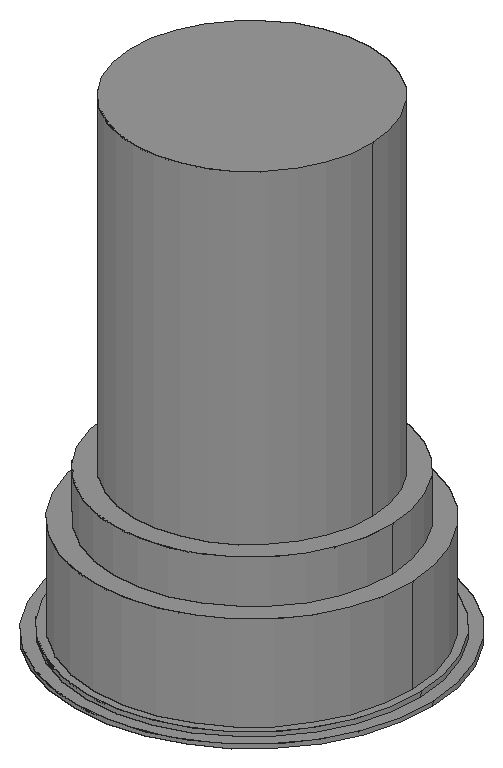
Revit family "Castor 3 Mini Fix 02", category Lighting Fixtures, host Ceiling, Revit 2017
Family settings
  Host = Ceiling
  Round Connector Dimension = Use Diameter
  Part Type = Normal
  OmniClass Number = 23.80.70.11
  OmniClass Title = Luminaries for Internal Lighting
  Always vertical = Yes
  Cut with Voids When Loaded = No
  Light Source = Yes
  Shared = No
  Room Calculation Point = No
Parameters (values of type "50P")
  Wattage = 9.2903 W
  built-in parameter 1150110 = 1 (stored number, unit not read)
  built-in parameter 1114217 = 1 (stored number, unit not read)
  Tilt Angle = 90.00°
  built-in parameter 1150109 = 1 (stored number, unit not read)
  built-in parameter 1150134 = (empty or 0)
  built-in parameter 1150113 = 1 (stored number, unit not read)
  Plastic = Plastic, Opaque White
  Photometric Web File = "ELR50P 35D.IES"
  Lumens = 1380 lm
  built-in parameter 1150115 = 1 (stored number, unit not read)
  built-in parameter 1150105 = 109.82 (stored number, unit not read)
  built-in parameter 1150137 = (empty or 0)
  built-in parameter 1150139 = (empty or 0)
  built-in parameter 1150112 = 1 (stored number, unit not read)
  built-in parameter 1150114 = 1 (stored number, unit not read)
  built-in parameter 1150132 = 2
  built-in parameter 1150102 = (empty or 0)
  built-in parameter 1150138 = (empty or 0)
  built-in parameter 1150107 = 3000 (stored number, unit not read)
  built-in parameter 1150106 = 1.0982 (stored number, unit not read)
  Emissive = Steel, Mild lighting
  built-in parameter 1150104 = 13.8 (stored number, unit not read)
  Dimming Lamp Color Temperature Shift = <None>
  Color Filter = 16777215
  built-in parameter 1114218 = 1 (stored number, unit not read)
  built-in parameter 1150133 = 10 (stored number, unit not read)
Types (2): name
  Type 1
  50P
Reference planes
  plane 1 "Light Source Axis (F/B)": y = 0
  plane 2: z = 0
  plane 3 "Light Source Axis (L/R)": x = 0
  plane 4 "Ceiling": z = 4000
  plane 5 "Light Source Elevation": z = 4000
  plane 6 "Top": y = 44.364
  plane 7: y = -45.636
  plane 8 "Right": x = 45
  plane 9 "Left": x = -44.996
  plane 10 "Down": z = 4002.018
  plane 11: z = 4120
Forms (mm)
  Extrusion 1, solid, material "ELR Plastic, Opaque White"
    sketch origin (239.98, -0.636, 4000) x (-1, 0, 0) y (0, -1, 0)
      loop
        circle (239.98, 0) r 45
      loop
        circle (239.98, 0) r 42
    from 0 to 1.009
  Extrusion 2, solid, material "ELR Plastic, Opaque White"
    sketch origin (239.98, -0.636, 4000) x (-1, 0, 0) y (0, -1, 0)
      loop
        circle (239.98, 0) r 30
    from 36.985 to 120
  Extrusion 3, solid, material "ELR Plastic, Opaque White"
    sketch origin (239.98, -0.636, 4000) x (-1, 0, 0) y (0, -1, 0)
      loop
        circle (239.98, 0) r 40
      loop
        circle (239.98, 0) r 30
    from 2.018 to 26
  Extrusion 4, solid, material "ELR Plastic, Opaque White"
    sketch origin (-115, -0.636, 4000) x (0, 1, 0) y (-1, 0, 0)
      loop
        circle (0, -115) r 42
      loop
        circle (0, -115) r 40
    from 1.009 to 2.018
  Extrusion 5, solid, material "ELR Plastic, Opaque White"
    sketch origin (239.98, -0.636, 4000) x (-1, 0, 0) y (0, -1, 0)
      loop
        circle (239.98, 0) r 35
      loop
        circle (239.98, 0) r 30
    from 26 to 36.985
  Extrusion 6, solid, material "ELR Light Emissive"
    sketch origin (0, 0, 4002.018) x (1, 0, 0) y (0, 1, 0)
      loop
        circle (0, -0.636) r 30
    from 2 to 4
Lines and regions (mm)
  Opening 1
    outline origin (0, 0, 4000) x (1, 0, 0) y (0, 1, 0)
      loop
        circle (0, 0) r 41.491
  Opening 2
    outline origin (0, -0.636, 4000) x (1, 0, 0) y (0, 1, 0)
      loop
        circle (0, 0) r 45
Dimensions and locks
  equal spacing: host sketch curve, plane 3 "Light Source Axis (L/R)", host sketch curve
  equal spacing: host sketch curve, plane 1 "Light Source Axis (F/B)", host sketch curve
  host sketch curve to host sketch curve = 4000 mm  (x2)
  plane 4 "Ceiling" to host ceiling = 0 mm
  plane 9 "Left" to plane 8 "Right" = 89.996 mm
  plane 6 "Top" to plane 7 = 90 mm
  imposter light to plane 11 = 120 mm
  plane 8 "Right" to plane 9 "Left" = 89.996 mm
  aligned and locked: plane 3 "Light Source Axis (L/R)" to imposter light
  aligned and locked: plane 1 "Light Source Axis (F/B)" to imposter light
  aligned and locked: plane 5 "Light Source Elevation" to imposter light
  aligned and locked: plane 11 to Extrusion 2
